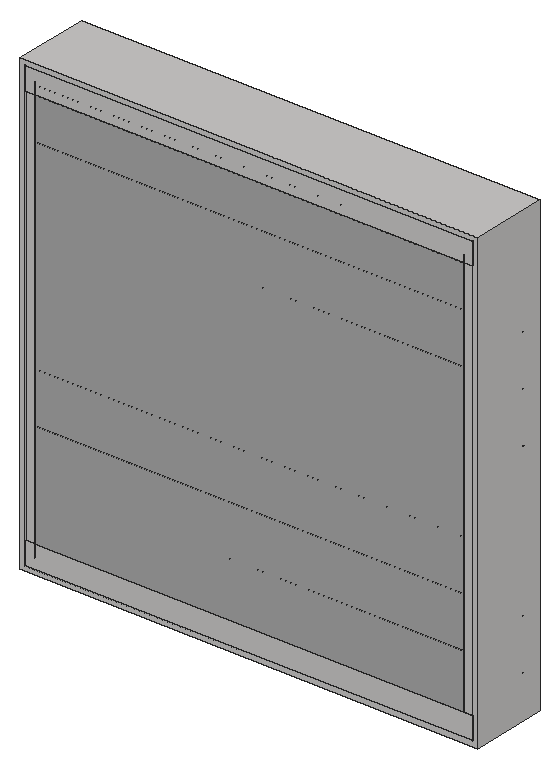
Revit family
Parameters (values of type "Louver_Acoustical_SAJ-835_All-Lite")
  URL = "http://www.alllite-louvers.com"
  Specifications = "http://www.alllite-louvers.com/catalog/ASAJ-835-csi-specification.doc"
  Spacing = 0.458 ft
  SmartBIM Object Version = 3  # constant formula
  SmartBIM Object Created By = "Reed Construction Data"  # constant formula
  Shim Thickness = 0.042 ft
  Screen Width = Width - (2 * Shim Thickness)  # 3.916 ft
  Screen Height = Height - (2 * 0.239583 ft)  # 3.520833 ft
  Screen = Aluminum
  Rough Width = 0.0 ft
  Rough Height = 0.0 ft
  Product URL = "http://www.alllite-louvers.com/catalog.php?model=SAJ-835"
  Pressure Loss (in.wg.) = "0.07"
  OmniClass Title = "Exterior Louvers and Grilles"  # constant formula
  OmniClass Code = "23-60 11 17"  # constant formula
  Model Number = "SAJ-835"  # constant formula
  Minimum Size = "12\" x 18\""
  Maximum Size - Single Section = "48\" x 96\""
  Maximum Size - Multiple Section = "Unlimited"
  Manufacturer = "All-Lite"  # constant formula
  Louver Width = Width - (2 * Shim Thickness) - 0.166667 ft  # 3.749333 ft
  Louver Single = not(Louver Array)  # no
  Louver Array = not(# of Louvers < 3)  # yes
  Louver = Galvannealed Steel
  Height = 4.0 ft
  Free Area for 48”x48” Louver = "33.1%"
  Free Area Velocity (fpm) = "808"
  Free Area (ft²) for 48"x48" Louver = 5.3 ft
  Frame = Galvannealed Steel
  Default Sill Height = 3.0 ft
  Wall Closure = (empty or 0)
  Width = 4.0 ft
  Cut Sheet = "http://www.alllite-louvers.com/catalog/ASAJ835.pdf"
  Assembly Code = "B2010300"
  Air Volume Delivered (cfm) = "4293"
  95 CSI = "10200 "  # constant formula
  04 CSI = "08 91 00"  # constant formula
  # of Louvers = (Height - 0.25 ft) / (Spacing)  # 8
Reference planes (ft)
  plane 1 "Center (Front/Back)": y = 0
  plane 2: z = 0.291667
  plane 3 "Center (Left/Right)": x = 0
  plane 4 "Left": x = -2
  plane 5 "Right": x = 2
  plane 6 "Sill": z = 3.291667
  plane 7 "Top": z = 7.291667
  plane 8: x = -1.958
  plane 9: x = 1.958
  plane 10: z = 7.249667
  plane 11: z = 3.333667
  plane 12: z = 5.291667
  plane 13: z = 3.417
  plane 14: z = 3.458667
  plane 15: z = 7.166333
  plane 16: z = 7.124667
Forms (ft)
  Sweep 1, solid, material "Galvannealed Steel" <- "Frame"
    path origin (-5, 0.5, 0) x (-1, 0, 0) y (0, 0, 1)
      loop
        line (-6.958, 7.249667) -> (-3.042, 7.249667)
    profile "Horizontal Mullion : Horizontal Mullion" origin (0, 0.5, 7.249667) x (0, 0, 1) y (0, 1, 0)
      loop
        line (0, 0) -> (-0.083333, 0) -> (-0.083333, -0.666545) -> (-0.197917, -0.666545) -> (-0.197917, -0.673295) -> (0, -0.673295) -> (0, -0.631628) -> (-0.00675, -0.631628) -> (-0.00675, -0.666545) -> (-0.076583, -0.666545) -> (-0.076583, -0.006628) -> (-0.00675, -0.006628) -> (-0.00675, -0.041545) -> (0, -0.041545) -> (0, 0)
  Sweep 2, solid, material "Galvannealed Steel" <- "Frame"
    path origin (-5, 0.5, 0) x (-1, 0, 0) y (0, 0, 1)
      loop
        line (-6.958, 3.333667) -> (-3.042, 3.333667)
    profile "Horizontal Mullion : Horizontal Mullion" origin (0, 0.5, 3.333667) x (0, 0, 1) y (0, 1, 0)
      loop
        line (0, 0) -> (0, -0.041545) -> (0.00675, -0.041545) -> (0.00675, -0.006628) -> (0.076583, -0.006628) -> (0.076583, -0.666545) -> (0.00675, -0.666545) -> (0.00675, -0.631628) -> (0, -0.631628) -> (0, -0.673295) -> (0.197917, -0.673295) -> (0.197917, -0.666545) -> (0.083333, -0.666545) -> (0.083333, 0) -> (0, 0)
  Sweep 3, solid, material "Galvannealed Steel" <- "Frame"
    path origin (-5, 0.5, 0) x (-1, 0, 0) y (0, 0, 1)
      loop
        line (-6.958, 3.417) -> (-6.958, 7.166333)
    profile "Vertical Mullion : Vertical Mullion" origin (1.958, 0.5, 5.291667) x (1, 0, 0) y (0, 1, 0)
      loop
        line (0, -0.635417) -> (-0.010417, -0.635417) -> (-0.010417, -0.65625) -> (-0.072917, -0.65625) -> (-0.072917, -0.010417) -> (-0.010417, -0.010417) -> (-0.010417, -0.03125) -> (0, -0.03125) -> (0, 0) -> (-0.083333, 0) -> (-0.083333, -0.666667) -> (0, -0.666667) -> (0, -0.635417)
  Sweep 4, solid, material "Galvannealed Steel" <- "Frame"
    path origin (5, 0.5, 0) x (1, 0, 0) y (0, 0, -1)
      loop
        line (-6.958, -3.417) -> (-6.958, -7.166333)
    profile "Vertical Mullion : Vertical Mullion" origin (-1.958, 0.5, 5.291667) x (1, 0, 0) y (0, 1, 0)
      loop
        line (0, -0.635417) -> (0, -0.666667) -> (0.083333, -0.666667) -> (0.083333, 0) -> (0, 0) -> (0, -0.03125) -> (0.010417, -0.03125) -> (0.010417, -0.010417) -> (0.072917, -0.010417) -> (0.072917, -0.65625) -> (0.010417, -0.65625) -> (0.010417, -0.635417) -> (0, -0.635417)
  Sweep 5, solid, material "Galvannealed Steel" <- "Frame"
    path origin (-5, 0.5, 0) x (-1, 0, 0) y (0, 0, 1)
      loop
        line (-3, 7.291667) -> (-7, 7.291667) -> (-7, 3.291667) -> (-3, 3.291667) -> (-3, 7.291667)
    profile origin (-2, 0.5, 5.291667) x (0, 1, 0) y (-1, 0, 0)
      loop
        line (0, 0) -> (-0.673295, 0) -> (-0.673295, -0.042) -> (0, -0.042) -> (0, 0)
  Extrusion 6, solid, material "Aluminum" <- "Screen"
    sketch origin (-5, 0.5, 0) x (-1, 0, 0) y (0, 0, 1)
      loop
        line (-3.125333, 7.05175) -> (-6.874667, 7.05175) -> (-6.874667, 3.531583) -> (-3.125333, 3.531583) -> (-3.125333, 7.05175)
    from -0.673295 to -0.666667
Cuts and joins
  joined: Sweep 2, Sweep 3
Lines and regions (ft)
  Opening 1
    outline origin (-5, -0.5, 0) x (1, 0, 0) y (0, 0, 1)
      loop
        line (3, 7.291667) -> (3, 3.291667) -> (7, 3.291667) -> (7, 7.291667) -> (3, 7.291667)
  Masking region 1, detail levels fine
    outline origin (0, 0, 0) x (1, 0, 0) y (0, 1, 0)
      loop
        line (-1.874667, 0.5) -> (-1.958, 0.5) -> (-1.958, 0.46875) -> (-1.947583, 0.46875) -> (-1.947583, 0.489583) -> (-1.885083, 0.489583) -> (-1.885083, -0.15625) -> (-1.947583, -0.15625) -> (-1.947583, -0.135417) -> (-1.958, -0.135417) -> (-1.958, -0.166667) -> (-1.874667, -0.166667) -> (-1.874667, 0.5)
      loop
        line (1.947583, -0.15625) -> (1.885083, -0.15625) -> (1.885083, 0.489583) -> (1.947583, 0.489583) -> (1.947583, 0.46875) -> (1.958, 0.46875) -> (1.958, 0.5) -> (1.874667, 0.5) -> (1.874667, -0.166667) -> (1.958, -0.166667) -> (1.958, -0.135417) -> (1.947583, -0.135417) -> (1.947583, -0.15625)
  Masking region 2, detail levels coarse+medium
    outline origin (0, 0, 0) x (1, 0, 0) y (0, 1, 0)
      loop
        line (2, 0.5) -> (1.874667, 0.5) -> (1.874667, -0.173295) -> (2, -0.173295) -> (2, 0.5)
      loop
        line (-1.874667, -0.173295) -> (-1.874667, 0.5) -> (-2, 0.5) -> (-2, -0.173295) -> (-1.874667, -0.173295)
Text (ft)
  text "EXTERIOR" at (-4.890733, 4.242245, 0), in view "Ref. Level"
  text "INTERIOR" at (-4.890733, -3.147199, 0), in view "Ref. Level"
  text "Exterior" at (0, 3.638026, 10.266337), in view "Left"
  text "Exterior" at (0, 1.524487, 10.420622), in view "Right"
Dimensions and locks (ft)
  equal spacing: plane 4 "Left", plane 3 "Center (Left/Right)", plane 5 "Right"
  "Width": plane 4 "Left" to plane 5 "Right"
  "Height": plane 6 "Sill" to plane 7 "Top"
  "Default Sill Height": plane 2 to plane 6 "Sill"
  "Shim Thickness": plane 4 "Left" to plane 8
  "Shim Thickness": plane 9 to plane 5 "Right"
  "Shim Thickness": plane 10 to plane 7 "Top"
  "Shim Thickness": plane 6 "Sill" to plane 11
  equal spacing: plane 11, plane 12, plane 10
  locked: plane 13 to plane 11 at 0.083333
  locked: plane 14 to plane 13 at 0.041667
  locked: plane 10 to plane 15 at 0.083333
  locked: plane 15 to plane 16 at 0.041667
  Extrusion 6 to plane 6 "Sill" = 0.239917 ft
  equal spacing: group 1, group 3, group 4, group 5, group 6, group 7, group 8, group 2  (x3)
  aligned and locked: plane 7 "Top" to Opening 1 sketch curve
  aligned and locked: plane 6 "Sill" to Opening 1 sketch curve  (x2)
  aligned and locked: plane 5 "Right" to Opening 1 sketch curve
  aligned and locked: plane 4 "Left" to Opening 1 sketch curve
  aligned and locked: plane 10 to Sweep 1 sketch curve
  aligned and locked: plane 8 to Sweep 1 sketch curve
  aligned and locked: plane 9 to Sweep 1 sketch curve
  aligned and locked: Sweep 2 sketch curve to plane 11
  aligned and locked: plane 9 to Sweep 2 sketch curve
  aligned and locked: plane 8 to Sweep 2 sketch curve
  aligned and locked: plane 9 to Sweep 3 sketch curve
  aligned and locked: Sweep 4 sketch curve to plane 8
  aligned and locked: cut or joined group of Sweep 2, Sweep 3 to Sweep 3 sketch curve
  aligned and locked: Sweep 4 sketch curve to cut or joined group of Sweep 2, Sweep 3
  aligned and locked: Sweep 1 to Sweep 4 sketch curve
  aligned and locked: Sweep 5 sketch curve to plane 4 "Left"
  aligned and locked: Sweep 5 sketch curve to plane 7 "Top"
  aligned and locked: Sweep 5 sketch curve to plane 6 "Sill"
  aligned and locked: Sweep 5 sketch curve to plane 5 "Right"
  aligned and locked: Sweep 5 sketch curve to host wall  (x2)
  aligned and locked: plane 8 to Sweep 5 sketch curve
  aligned and locked: cut or joined group of Sweep 2, Sweep 3 to Sweep 5 sketch curve
  aligned and locked: plane 3 "Center (Left/Right)" to nested 1
  aligned and locked: plane 3 "Center (Left/Right)" to nested 2
  aligned and locked: host wall to nested 2
  aligned and locked: plane 15 to Sweep 3 sketch curve
  aligned and locked: Sweep 1 to Extrusion 6 sketch curve
  aligned and locked: Extrusion 6 to cut or joined group of Sweep 2, Sweep 3
  aligned and locked: Sweep 4 to Extrusion 6 sketch curve
  aligned and locked: cut or joined group of Sweep 2, Sweep 3 to Extrusion 6 sketch curve
  aligned and locked: Extrusion 6 sketch curve to cut or joined group of Sweep 2, Sweep 3
  aligned and locked: Extrusion 6 to Sweep 4
  aligned and locked: Sweep 5 to Extrusion 6
  aligned and locked: plane 14 to nested 1
  aligned and locked: host wall to nested 1
  aligned and locked: nested 3 to plane 16
  aligned and locked: host wall to nested 3
  aligned and locked: plane 3 "Center (Left/Right)" to nested 3
  aligned and locked: plane 14 to nested 2
  aligned and locked: Masking region 1 sketch curve to Sweep 4  (x12)
  aligned and locked: Masking region 1 sketch curve to cut or joined group of Sweep 2, Sweep 3  (x8)
  aligned and locked: Masking region 1 sketch curve to nested 4
  aligned and locked: plane 9 to Masking region 1 sketch curve  (x2)
  aligned and locked: Sweep 5 to Masking region 1 sketch curve
  aligned and locked: Masking region 2 sketch curve to Sweep 5
  aligned and locked: Masking region 2 sketch curve to plane 5 "Right"
  aligned and locked: Masking region 2 sketch curve to Extrusion 6  (x2)
  aligned and locked: Sweep 5 to Masking region 2 sketch curve
  aligned and locked: Extrusion 6 to Masking region 2 sketch curve
  aligned and locked: Masking region 2 sketch curve to host wall
  aligned and locked: host wall to Masking region 2 sketch curve
Nested families (ft)
  nested 1: "Louver" at (0, 0.252604, 3.458667), type "Louver"
    with Louver Length 3.749333 ft
  nested 2: "Louver Single" at (0, 0.252604, 3.458667), type "Louver Single"
    with Louver Single no, Louver Length 3.749333 ft
  nested 3: "Louver" at (0, 0.252604, 6.57139), type "Louver"
    with Louver Length 3.749333 ft
  nested 4: "Louver" at (0, 0.252604, 3.903341), type "Louver"
    with Louver Length 3.749333 ft
  nested 5: "Louver" at (0, 0.252604, 4.348016), type "Louver"
    with Louver Length 3.749333 ft
  nested 6: "Louver" at (0, 0.252604, 4.792691), type "Louver"
    with Louver Length 3.749333 ft
  nested 7: "Louver" at (0, 0.252604, 5.237366), type "Louver"
    with Louver Length 3.749333 ft
  nested 8: "Louver" at (0, 0.252604, 5.682041), type "Louver"
    with Louver Length 3.749333 ft
  nested 9: "Louver" at (0, 0.252604, 6.126715), type "Louver"
    with Louver Length 3.749333 ft
Connectors (ft)
  hvac at (0, -0.173295, 5.291667), driven by "Screen Height", driven by "Screen Width"
    settings: on Extrusion 6, index 1
Definition of nested family "Louver"
  Parameters (values of type "Louver")
    Louver Visibility = yes
    Louver Length = 0.75 ft
    Louver = none
    Assembly Code = ""
  Reference planes (ft)
    plane 1 "Center (Front/Back)": y = -0.085938
    plane 2: z = 0
    plane 3 "Center (Left/Right)": x = 0
    plane 4: x = -0.375
    plane 5: x = 0.375
    plane 6: y = 0.247396
    plane 7: y = -0.419271
    plane 8: z = 0.276638
    plane 9: z = 0.553277
  Forms (ft)
    Extrusion 1, solid, material <- "Louver", visible <- "Louver Visibility"
      sketch origin (0, 0, 0) x (0, 1, 0) y (0, 0, 1)
        loop
          line (0.247396, 0) -> (0.247396, 0.086472) -> (-0.419271, 0.553277) -> (-0.419271, 0.466805) -> (0.247396, 0)
      from -0.375 to 0.375
  Dimensions and locks (ft)
    equal spacing: plane 4, plane 3 "Center (Left/Right)", plane 5
    "Louver Length": plane 4 to plane 5
    locked: plane 6 to plane 7 at 0.666667
    equal spacing: plane 6, plane 1 "Center (Front/Back)", plane 7
    equal spacing: level, plane 8, plane 9
    locked: level to plane 9 at 0.553277
    Extrusion 1 to Extrusion 1 = 0.070833 ft
    Extrusion 1 sketch curve to Extrusion 1 sketch curve = 0.070833 ft
    angle level to Extrusion 1 sketch curve = 35.00°
    angle plane 8 to Extrusion 1 sketch curve = 35.00°
    aligned and locked: plane 5 to Extrusion 1
    aligned and locked: Extrusion 1 to plane 4
    aligned and locked: Extrusion 1 sketch curve to plane 6
    aligned and locked: Extrusion 1 sketch curve to plane 7
  Automatic sketch dimensions
    Extrusion 1 sketch curve to level = 0.0 ft
Definition of nested family "Louver Single"
  Parameters (values of type "Louver")
    Louver Single = yes
    Louver Length = 2.75 ft
    Louver = none
    Assembly Code = ""
  Reference planes (ft)
    plane 1 "Center (Front/Back)": y = -0.085938
    plane 2: z = 0
    plane 3 "Center (Left/Right)": x = 0
    plane 4: x = -1.375
    plane 5: x = 1.375
    plane 6: y = 0.247396
    plane 7: y = -0.419271
    plane 8: z = 0.276638
    plane 9: z = 0.553277
  Forms (ft)
    Extrusion 1, solid, material <- "Louver", visible <- "Louver Single"
      sketch origin (0, 0, 0) x (0, 1, 0) y (0, 0, 1)
        loop
          line (0.247396, 0) -> (0.247396, 0.086472) -> (-0.419271, 0.553277) -> (-0.419271, 0.466805) -> (0.247396, 0)
      from -1.375 to 1.375
  Dimensions and locks (ft)
    equal spacing: plane 4, plane 3 "Center (Left/Right)", plane 5
    "Louver Length": plane 4 to plane 5
    locked: plane 6 to plane 7 at 0.666667
    equal spacing: plane 6, plane 1 "Center (Front/Back)", plane 7
    equal spacing: level, plane 8, plane 9
    locked: level to plane 9 at 0.553277
    Extrusion 1 to Extrusion 1 = 0.070833 ft
    Extrusion 1 sketch curve to Extrusion 1 sketch curve = 0.070833 ft
    angle level to Extrusion 1 sketch curve = 35.00°
    angle plane 8 to Extrusion 1 sketch curve = 35.00°
    aligned and locked: plane 5 to Extrusion 1
    aligned and locked: Extrusion 1 to plane 4
    aligned and locked: Extrusion 1 sketch curve to plane 6
    aligned and locked: Extrusion 1 sketch curve to plane 7
  Automatic sketch dimensions
    Extrusion 1 sketch curve to level = 0.0 ft
